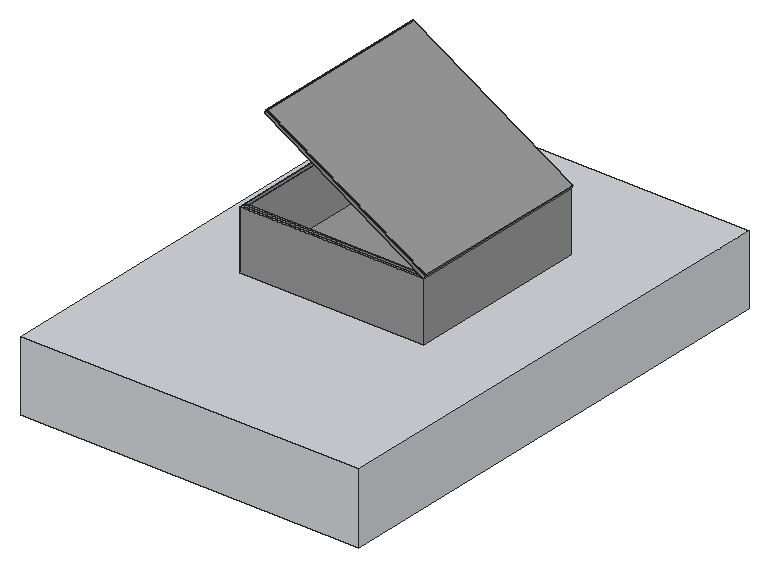
Revit family "Hager-Univers-IP55-D275-H800-Cl.II-Steel_encl-AT-de", category Equipement électrique, Revit 2020
Family settings
  Hôte = Face
  Configuration du panneau = Deux colonnes, circuits au sein
  Cote de connecteur circulaire = Utiliser le diamètre
  Type d'élément = Tableau de raccordement
  Couper avec des vides une fois chargée = Non
  Partagée = Non
  Point de calcul de pièce = Non
Parameters (values of type "Aufputz IP55 B800 H800 T275  - FR53S")
  Width Control [instance] = if([EF000008 - Breite] > Min Width, [EF000008 - Breite], Min Width)  # 800 mm
  Commentaires du type = [HG000003 - Bereich]  # "Univers"
  Thickness Door [instance] = if([EF009171 - Materialstärke Tür/Deckel] > 3 mm, 3 mm, [EF009171 - Materialstärke Tür/Deckel])  # 1.5 mm
  Seal Frame Offset [instance] = 17 mm  # constant formula
  Plinth Visibility [instance] = [HG000027 - Sockelhöhe] > 0 mm  # no
  Model = ""
  Min Width [instance] = 100 mm  # constant formula
  Min Height [instance] = 100 mm  # constant formula
  Min Depth [instance] = (2 * [EF009170 - Materialstärke Gehäuse]) + 1 mm  # 4 mm
  Internal Frame Depth [instance] = (Door System Depth * 0.5)  # 9 mm
  Height Control [instance] = if([EF000040 - Höhe] > Min Height, [EF000040 - Höhe], Min Height)  # 800 mm
  HG000027 - Sockelhöhe = 0 mm
  HG000026 - Stehend auf dem Boden = no
  HG000024 - Höhe des unteren Teils = 800 mm
  HG000023 - Gehäuse mit doppeltem Querschnitt = no
  HG000016 - 3D-Türsichtbarkeit [instance] = yes
  HG000015 - Sichtbarkeit der Türöffnung [instance] = no
  HG000014 - Tür rechts [instance] = yes
  HG000013 - Tür links [instance] = not([HG000014 - Tür rechts])  # no
  HG000012 - Türschwenkwinkel [instance] = 30.00°
  HG000010 - Asymmetrische Türen = no
  HG000009 - Doppelflügeligen Tür = no
  HG000006 - Unterputz = no
  HG000004 - Herstellerreferenz = "FR53S"
  HG000003 - Bereich = "Univers"
  HG000002 - Mit tür = yes
  Frame Offset Bottom [instance] = 10 mm  # constant formula
  Frame Offset [instance] = 15 mm  # constant formula
  EF015940 - Deckel mit Überdruckentlastung = no
  EF011959 - Schutzart (NEMA) = ""
  EF009554 - Anzahl der Öffnungen für Flanschplatten = 6
  Fabricant = "Hager"  # constant formula
  EF009212 - Ausführung Deckel = "EV000116 - geschlossen"
  EF009171 - Materialstärke Tür/Deckel = 1.5 mm
  EF009170 - Materialstärke Gehäuse = 1.5 mm
  EF008873 - Nennstrom (In) = 800 A
  EF007800 - Geeignet für Blitzschutz = no
  EF006306 - Mit Schloss = no
  EF006244 - Transparenter Deckel/Tür = no
  EF005474 - Schutzart (IP) = "EV006420 - IP55"
  EF004464 - Art der Tür = "EV002646 - Einzel"
  EF004427 - Anzahl der Module = 180
  EF004293 - Schlagfestigkeit = "EV008784 - IK10"
  EF003532 - Geeignet für Außengebrauch = no
  EF002950 - Breite in Teilungseinheiten = 24
  EF001613 - Funktionserhalt = "EV000494 - ohne"
  EF001596 - Werkstoff des Gehäuses = "EV000179 - Stahl"
  EF001131 - Innentiefe = 275 mm
  EF001088 - Anbaumöglichkeit = yes
  EF000437 - Anzahl der Leitungseinführungen = 6
  EF000339 - Art der Abdeckung = "EV004216 - Tür"
  EF000266 - Anzahl der Reihen = 5
  EF000218 - Einbautiefe = 0 mm
  EF000118 - Mit Montageplatte = no
  EF000116 - RAL-Nummer = "7035"
  EF000049 - Tiefe = 275 mm
  EF000040 - Höhe = 800 mm
  EF000008 - Breite = 800 mm
  EF000007 - Farbe = "EV000270 - grau"
  EF000003 - Montageart = "EV000384 - Aufputz"
  Door System Leaf Tolerance [instance] = 1.5 mm  # constant formula
  Door System Depth [instance] = 18 mm  # constant formula
  Door Height [instance] = Height Control - [HG000027 - Sockelhöhe]  # 800 mm
  Depth Control [instance] = if([EF000049 - Tiefe] > Min Depth, [EF000049 - Tiefe], Min Depth)  # 275 mm
  Default Elevation = 0 mm
  Connector Offset [instance] = Height Control / 2  # 400 mm
  Bottom Top Plate Trim [instance] = 1.5 mm  # constant formula
  Plinth height Ctrl [instance] = if([HG000027 - Sockelhöhe] > 0 mm, [HG000027 - Sockelhöhe], 12 mm)  # 12 mm
Types (5, lengths in mm): name | Width Control | HG000010 - Asymmetrische Türen | HG000009 - Doppelflügeligen Tür | HG000004 - Herstellerreferenz | EF009554 - Anzahl der Öffnungen für Flanschplatten | EF004464 - Art der Tür | EF004427 - Anzahl der Module | EF000437 - Anzahl der Leitungseinführungen | EF000008 - Breite
  Aufputz IP55 B1050 H800 T275  - FR54S | 1050 | no | yes | "FR54S" | 8 | "EV003602 - Doppel" | 240 | 8 | 1050
  Aufputz IP55 B1300 H800 T275  - FR55S | 1300 | yes | yes | "FR55S" | 10 | "EV003602 - Doppel" | 300 | 10 | 1300
  Aufputz IP55 B300 H800 T275  - FR51S | 300 | no | no | "FR51S" | 2 | "EV002646 - Einzel" | 60 | 2 | 300
  Aufputz IP55 B550 H800 T275  - FR52S | 550 | no | no | "FR52S" | 4 | "EV002646 - Einzel" | 120 | 4 | 550
  Aufputz IP55 B800 H800 T275  - FR53S | 800 | no | no | "FR53S" | 6 | "EV002646 - Einzel" | 180 | 6 | 800
Reference planes
  plane 1 "Center (Front/Back)": y = 0
  plane 2: z = 0
  plane 3 "Center (Left/Right)": x = 0
  plane 4: z = 275
  plane 5: y = 1.5
  plane 6: y = 400
  plane 7: y = 0
  plane 8: y = 800
  plane 9: z = 0
  plane 10: x = -385
  plane 11: x = 385
  plane 12: x = 383.5
  plane 13: x = -383.5
  plane 14: y = 798.5
  plane 15: x = -383
  plane 16: x = -400
  plane 17: x = 383
  plane 18: x = 400
  plane 19: x = 398.5
  plane 20: x = -398.5
  plane 21: y = 11.5
  plane 22: y = 800
  plane 23: y = 783.5
  plane 24: z = 257
  plane 25: z = 1.5
  plane 26: z = 255.5
  plane 27: z = 273.5
Forms (mm)
  Extrusion 1, solid
    sketch origin (0, 0, 0) x (1, 0, 0) y (0, 1, 0)
      loop
        line (-702.964, 1305) -> (-702.964, -811.445) -> (766.763, -811.445) -> (766.763, 1305) -> (-702.964, 1305)
    from 0 to -304.8
  Extrusion 2, solid, material "Hager_Steel_RAL7035_Light_Grey", visible <- "Plinth Visibility", detail levels medium+fine
    sketch origin (0, 0, 0) x (1, 0, 0) y (0, 1, 0)
      loop
        line (-400, 0) -> (400, 0) -> (400, 12) -> (-400, 12) -> (-400, 0)
    from 0 to 257
  Extrusion 3, solid, material "Hager_Steel_RAL7035_Light_Grey", detail levels medium+fine
    sketch origin (0, 0, 0) x (1, 0, 0) y (0, 1, 0)
      loop
        line (-400, 0) -> (400, 0) -> (400, 800) -> (-400, 800) -> (-400, 0)
    from 0 to 257
  Extrusion 4, void
    sketch origin (0, 0, 0) x (1, 0, 0) y (0, 1, 0)
      loop
        line (-398.5, 1.5) -> (398.5, 1.5) -> (398.5, 798.5) -> (-398.5, 798.5) -> (-398.5, 1.5)
    from 1.5 to 255.5
  Extrusion 5, void
    sketch origin (-381.607, -4572, 257) x (0, -1, 0) y (-1, 0, 0)
      loop
        line (-4583.5, 1.893) -> (-5355.5, 1.893) -> (-5355.5, -765.107) -> (-4583.5, -765.107) -> (-4583.5, 1.893)
    from 0 to 1.5 <- "EF009170 - Materialstärke Gehäuse"
  Extrusion 6, solid, material "Hager_Steel_RAL7035_Light_Grey", detail levels fine
    sketch origin (0, 0, 257) x (1, 0, 0) y (0, 1, 0)
      loop
        line (-383.5, 783.5) -> (-383.5, 11.5) -> (383.5, 11.5) -> (383.5, 783.5) -> (-383.5, 783.5)
      loop
        line (-385, 10) -> (385, 10) -> (385, 785) -> (-385, 785) -> (-385, 10)
    from 0 to 9 <- "Internal Frame Depth"
  Extrusion 7, solid, material "Hager_Steel_RAL7035_Light_Grey", detail levels coarse
    sketch origin (0, 0, 0) x (1, 0, 0) y (0, 1, 0)
      loop
        line (-400, 0) -> (400, 0) -> (400, 800) -> (-400, 800) -> (-400, 0)
    from 0 to 275
  Sweep 8, void
    path in 3D
      loop
        line (-400, 12, 0) -> (400, 12, 0) -> (400, 12, 257) -> (-400, 12, 257) -> (-400, 12, 0)
    profile origin (-400, 12, 128.5) x (-1, 0, 0) y (0, -1, 0)
      loop
        line (0, 0) -> (0, 1.5) -> (-1.5, 1.5)
        arc (-1.5, 1.5) -> (-1.061, 0.439) -> (0, 0) r 1.5
Cuts and joins
  Extrusion 4, Extrusion 5 cuts Extrusion 3
  Sweep 8 cuts Extrusion 2
Lines and regions (mm)
  Masking region 1
    outline origin (0, 0, 0) x (1, 0, 0) y (0, 0, 1)
      loop
        line (-400, 275) -> (-400, 0) -> (400, 0) -> (400, 275) -> (-400, 275)
  Masking region 2, detail levels medium+fine
    outline origin (0, 140, 0) x (0, 1, 0) y (0, 0, 1)
      loop
        line (-140, 0) -> (660, 0) -> (660, 257) -> (-140, 257) -> (-140, 0)
  Masking region 3, not visible, detail levels medium+fine
    outline origin (0, 297.922, 0) x (0, 1, 0) y (0, 0, 1)
      loop
        line (113.578, 0) -> (153.578, 0) -> (153.578, 263.5)
        arc (153.578, 263.5) -> (150.649, 270.571) -> (143.578, 273.5) r 10
        line (143.578, 273.5) -> (113.578, 273.5) -> (113.578, 0)
  Masking region 4, detail levels coarse
    outline origin (0, 0, 180) x (0, 1, 0) y (0, 0, 1)
      loop
        line (0, -180) -> (800, -180) -> (800, 95) -> (0, 95) -> (0, -180)
  Masking region 5, visible <- "Plinth Visibility", detail levels medium+fine
    outline origin (0, 52.24, 12.345) x (0, 0, -1) y (0, 1, 0)
      loop
        line (10.845, -40.24) -> (-243.155, -40.24)
        arc (-243.155, -40.24) -> (-243.594, -41.301) -> (-244.655, -41.74) r 1.5
        line (-244.655, -41.74) -> (-244.655, -52.24) -> (12.345, -52.24) -> (12.345, -41.74)
        arc (12.345, -41.74) -> (11.285, -41.301) -> (10.845, -40.24) r 1.5
  Masking region 6, detail levels medium+fine
    outline origin (-381.607, -4572, 257) x (-1, 0, 0) y (0, -1, 0)
      loop
        line (18.393, -5372) -> (18.393, -4572) -> (-781.607, -4572) -> (-781.607, -5372) -> (18.393, -5372)
  Masking region 7, visible <- "Plinth Visibility", detail levels medium+fine
    outline origin (-381.607, -4727, 257) x (-1, 0, 0) y (0, -1, 0)
      loop
        arc (16.893, -4739) -> (17.332, -4737.939) -> (18.393, -4737.5) r 1.5
        line (18.393, -4737.5) -> (18.393, -4727) -> (-781.607, -4727) -> (-781.607, -4737.5)
        arc (-781.607, -4737.5) -> (-780.546, -4737.939) -> (-780.107, -4739) r 1.5
        line (-780.107, -4739) -> (16.893, -4739)
  Masking region 8, detail levels coarse
    outline origin (-442.548, -4669.526, 257) x (-1, 0, 0) y (0, -1, 0)
      loop
        line (-42.548, -5469.526) -> (-42.548, -4669.526) -> (-842.548, -4669.526) -> (-842.548, -5469.526) -> (-42.548, -5469.526)
  sketch lines
    curve 1: line (-400, 12, 257) -> (-400, 12, 0)
    curve 2: line (400, 12, 257) -> (-400, 12, 257)
    curve 3: line (400, 12, 257) -> (400, 12, 0)
    curve 4: line (-400, 12, 0) -> (400, 12, 0)
Dimensions and locks
  "Depth Control": plane 4 to Extrusion 1
  "HG000027 - Sockelhöhe": plane 1 "Center (Front/Back)" to plane 7
  "EF009170 - Materialstärke Gehäuse": plane 5 to plane 7
  locked: connector elem to plane 3 "Center (Left/Right)"
  equal spacing: plane 8, plane 6, plane 7
  locked: connector elem to plane 6
  "EF009170 - Materialstärke Gehäuse": plane 8 to plane 14
  "EF009170 - Materialstärke Gehäuse": plane 10 to plane 13
  "EF009170 - Materialstärke Gehäuse": plane 12 to plane 11
  "Frame Offset": plane 20 to plane 13
  "Frame Offset": plane 12 to plane 19
  "EF009170 - Materialstärke Gehäuse": plane 16 to plane 20
  "EF009170 - Materialstärke Gehäuse": plane 19 to plane 18
  "Seal Frame Offset": plane 16 to plane 15
  "Seal Frame Offset": plane 17 to plane 18
  "Frame Offset Bottom": plane 21 to plane 5
  "Frame Offset": plane 14 to plane 23
  equal spacing: plane 16, plane 3 "Center (Left/Right)", plane 18
  "Width Control": plane 16 to plane 18
  "EF009170 - Materialstärke Gehäuse": plane 4 to plane 27
  "EF009170 - Materialstärke Gehäuse": plane 24 to plane 26
  "EF009170 - Materialstärke Gehäuse": plane 25 to level
  "Door System Depth": plane 4 to plane 24
  "Height Control": plane 1 "Center (Front/Back)" to Extrusion 7 sketch curve
  "Height Control": Masking region 4 sketch curve to plane 1 "Center (Front/Back)"
  "Height Control": plane 1 "Center (Front/Back)" to plane 22
  "Bottom Top Plate Trim": profile plane to Sweep 8 sketch curve
  "Bottom Top Plate Trim": Sweep 8 sketch curve to profile plane
  "Plinth height Ctrl": plane 1 "Center (Front/Back)" to Extrusion 2 sketch curve
  "Plinth height Ctrl": Masking region 5 sketch curve to plane 1 "Center (Front/Back)"
  "Plinth height Ctrl": plane 1 "Center (Front/Back)" to Masking region 7 sketch curve
  "Thickness Door": Extrusion 6 sketch curve to Extrusion 6 sketch curve  (x3)
  "Thickness Door": cut or joined group of Extrusion 3, Extrusion 4, Extrusion 5 to Extrusion 6 sketch curve
  radius of Masking region 3 sketch curve = 10 mm
  "Bottom Top Plate Trim": radius of Masking region 5 sketch curve  (x2)
  "Bottom Top Plate Trim": radius of Sweep 8 sketch curve
  "Bottom Top Plate Trim": radius of Masking region 7 sketch curve  (x2)
  aligned and locked: plane 2 to Extrusion 1
  aligned and locked: level to Extrusion 1
  aligned and locked: level to Masking region 1 sketch curve
  aligned and locked: Masking region 1 sketch curve to plane 18
  aligned and locked: Masking region 1 sketch curve to plane 16
  aligned and locked: plane 7 to Masking region 2 sketch curve
  aligned and locked: level to Masking region 3 sketch curve
  aligned and locked: Masking region 3 sketch curve to plane 27
  aligned and locked: level to Masking region 2 sketch curve
  aligned and locked: plane 1 "Center (Front/Back)" to Extrusion 2 sketch curve
  aligned and locked: Extrusion 3 sketch curve to plane 7
  aligned and locked: plane 16 to Extrusion 3 sketch curve
  aligned and locked: plane 18 to Extrusion 3 sketch curve
  aligned and locked: plane 20 to Extrusion 4 sketch curve
  aligned and locked: plane 19 to Extrusion 4 sketch curve
  aligned and locked: Extrusion 4 sketch curve to plane 5
  aligned and locked: Extrusion 4 to plane 25
  aligned and locked: plane 26 to Extrusion 4
  aligned and locked: plane 24 to Extrusion 3
  aligned and locked: Extrusion 5 sketch curve to plane 21
  aligned and locked: Extrusion 5 sketch curve to plane 13
  aligned and locked: Extrusion 5 sketch curve to plane 12
  aligned and locked: plane 18 to Extrusion 7 sketch curve
  aligned and locked: plane 1 "Center (Front/Back)" to Extrusion 7 sketch curve
  aligned and locked: plane 16 to Extrusion 7 sketch curve
  aligned and locked: plane 4 to Extrusion 7
  aligned and locked: Extrusion 7 to level
  aligned and locked: level to Masking region 4 sketch curve
  aligned and locked: Masking region 4 sketch curve to plane 1 "Center (Front/Back)"
  aligned and locked: Masking region 4 sketch curve to plane 4
  aligned and locked: nested 1 to level
  aligned and locked: nested 1 to plane 16
  aligned and locked: plane 8 to Extrusion 3 sketch curve
  aligned and locked: plane 23 to Extrusion 5 sketch curve
  aligned and locked: plane 14 to Extrusion 4 sketch curve
  aligned and locked: Masking region 2 sketch curve to plane 8
  aligned and locked: level to Masking region 5 sketch curve
  aligned and locked: plane 16 to Extrusion 2 sketch curve
  aligned and locked: plane 18 to Extrusion 2 sketch curve
  aligned and locked: Masking region 5 sketch curve to plane 24
  aligned and locked: Masking region 2 sketch curve to plane 24
  aligned and locked: plane 24 to Extrusion 2
  aligned and locked: profile plane to Sweep 8 sketch curve  (x2)
  aligned and locked: Masking region 6 sketch curve to plane 18
  aligned and locked: Masking region 6 sketch curve to plane 22
  aligned and locked: Masking region 6 sketch curve to plane 16
  aligned and locked: plane 8 to plane 22
  aligned and locked: Masking region 6 sketch curve to plane 7
  aligned and locked: Masking region 7 sketch curve to plane 16
  aligned and locked: Masking region 7 sketch curve to plane 1 "Center (Front/Back)"
  aligned and locked: Masking region 7 sketch curve to plane 18
  aligned and locked: Masking region 8 sketch curve to plane 1 "Center (Front/Back)"
  aligned and locked: Masking region 8 sketch curve to plane 18
  aligned and locked: Masking region 8 sketch curve to plane 22
  aligned and locked: Masking region 8 sketch curve to plane 16
  aligned and locked: nested 2 to plane 7
  aligned and locked: plane 3 "Center (Left/Right)" to nested 2
  aligned and locked: nested 2 to plane 24
  aligned and locked: Extrusion 6 sketch curve to cut or joined group of Extrusion 3, Extrusion 4, Extrusion 5  (x4)
Automatic sketch dimensions
  Extrusion 1 sketch curve to Extrusion 1 sketch curve = 1469.727 mm
  Extrusion 1 sketch curve to Extrusion 1 sketch curve = 2116.445 mm
  Masking region 1 sketch curve to plane 4 = 0 mm
  plane 6 to Masking region 3 sketch curve = 11.5 mm
  Masking region 3 sketch curve to Masking region 3 sketch curve = 30 mm
  Masking region 5 sketch curve to plane 1 "Center (Front/Back)" = 0 mm
Nested families
  nested 1: "Hager_Enclosure_Symbol" at (-400, 0, 0) x (1, 0, 0) z (0, -1, 0), Height <- "Depth Control", Width <- "Width Control", type "Hager_Enclosure_Symbol"
    with Width_Ctrl 800 mm, Width 800 mm, Height_Ctrl 275 mm, Height 275 mm, A_Width_Int 18.047 mm, A_Width 216.562 mm, A_Height_Ctrl 240.625 mm, A_Height 240.625 mm
  nested 2: "EC000058_Univers_Door" at (0, 0, 257) x (1, 0, 0) z (0, 1, 0), Leaf_Tolerance <- "Door System Leaf Tolerance", Angle <- "HG000012 - Türschwenkwinkel", Door_Depth <- "Door System Depth", Door_Left <- "HG000013 - Tür links", Transparent <- "EF006244 - Transparenter Deckel/Tür", Assymetrical <- "HG000010 - Asymmetrische Türen", Width <- "Width Control", Clearance <- "HG000015 - Sichtbarkeit der Türöffnung", Double <- "HG000009 - Doppelflügeligen Tür", 3d_Door <- "HG000016 - 3D-Türsichtbarkeit", Lock_Visibility <- "EF006306 - Mit Schloss", Width_Ctrl <- "Width Control", Door_Right <- "HG000014 - Tür rechts", Door <- "HG000002 - Mit tür", Height <- "Door Height", Thickness <- "Thickness Door", type "EC000058_Univers_Door", detail levels medium+fine
    with min_wh 4 mm, Width_Ctrl 800 mm, Width 800 mm, Transparent no, Thickness 1.5 mm, Seal_Material Hager_Rubber, Lock_Visibility no, Lock_Material Hager_Plastic_RAL9005_Jet_Black, Leaf_Width 800 mm, Leaf_Tolerance_External_Sides 0 mm, Leaf_Tolerance 1.5 mm, Leaf_Offset 0 mm, Leaf_Height 797 mm, Leaf_2_Width 800 mm, Leaf_2_Offset 400 mm, Leaf_1_Width 800 mm, Leaf_1_Offset 400 mm, Height_Ctrl 800 mm, Height 800 mm, Glass_Material Hager_Glass, Double_Clearance_Ctrl no, Double no, Door_Right_Ctrl yes, Door_Right yes, Door_Material Hager_Steel_RAL7035_Light_Grey, Door_Left_Ctrl no, Door_Left no, Door_Depth 18 mm, Door yes, Clearance_Material Hager_Clearance, Clearance_Depth 800 mm, Clearance_Ctrl no, Clearance no, Assymetrical no, Angle 30.00°, 3d_Door yes
Connectors
  electrical at (0, 400, 0)
    settings: on plane 9, index 1, voltage 0 V, apparent load 0 VA, apparent load phase1 0 VA, apparent load phase2 0 VA, apparent load phase3 0 VA, power factor 1, load classification "Other", number of poles 1, system type 30, power factor state 1, is connector primary yes, connector utility no, sub classification motor no, connector description ""
Definition of nested family "EC000058_Univers_Door"
  Parameters (values of type "EC000058_Univers_Door")
    min_wh [instance] = (2 * Thickness) + 1 mm  # 11 mm
    Width_Ctrl [instance] = 400 mm
    Width [instance] = 500 mm
    Transparent [instance] = yes
    Thickness [instance] = 5 mm
    Seal_Material [instance] = none
    Lock_Visibility [instance] = yes
    Lock_Material [instance] = none
    Leaf_Width [instance] = if((Width_Ctrl - 2 * Leaf_Tolerance_External_Sides) > 0 mm, (Width_Ctrl - 2 * Leaf_Tolerance_External_Sides), min_wh)  # 400 mm
    Leaf_Tolerance_External_Sides [instance] = 0 mm  # constant formula
    Leaf_Tolerance [instance] = 1.5 mm
    Leaf_Offset [instance] = 0 mm  # constant formula
    Leaf_Height [instance] = if((Height_Ctrl - 2 * Leaf_Tolerance) > 0 mm, (Height_Ctrl - 2 * Leaf_Tolerance), min_wh)  # 497 mm
    Leaf_2_Width [instance] = if(and(and(Double, Assymetrical), Door_Left), (Leaf_Width / 3) - (Leaf_Tolerance / 2), if(and(and(Double, Assymetrical), Door_Right), (Leaf_Width / 3) * 2 - (Leaf_Tolerance / 2), if(and(Double, not(Assymetrical)), (Leaf_Width / 2) - Leaf_Tolerance, Leaf_Width)))  # 400 mm
    Leaf_2_Offset [instance] = if(and(Double, Assymetrical), Leaf_2_Width / 2, if(and(Double, not(Assymetrical)), Leaf_Width / 4, Leaf_Width / 2))  # 200 mm
    Leaf_1_Width [instance] = if(and(and(Double, Assymetrical), Door_Right), (Leaf_Width / 3) - (Leaf_Tolerance / 2), if(and(and(Double, Assymetrical), Door_Left), (Width / 3) * 2 - (Leaf_Tolerance / 2), if(and(Double, not(Assymetrical)), (Leaf_Width / 2) - Leaf_Tolerance, Leaf_Width)))  # 400 mm
    Leaf_1_Offset [instance] = if(and(Double, Assymetrical), Leaf_1_Width / 2, if(and(Double, not(Assymetrical)), Leaf_Width / 4, Leaf_Width / 2))  # 200 mm
    Height_Ctrl [instance] = if(Height > min_wh, Height, min_wh)  # 500 mm
    Height [instance] = 500 mm
    Glass_Material [instance] = none
    Double_Clearance_Ctrl [instance] = and(Double, Clearance)  # no
    Double [instance] = no
    Door_Right_Ctrl [instance] = and(or(Door_Right, Double), Door)  # yes
    Door_Right [instance] = yes
    Door_Material [instance] = none
    Door_Left_Ctrl [instance] = and(or(Door_Left, Double), Door)  # no
    Door_Left [instance] = no
    Door_Depth [instance] = 30 mm
    Door [instance] = yes
    Default Elevation = 1219.2 mm
    Clearance_Material [instance] = none
    Clearance_Depth [instance] = if(Leaf_1_Width > Leaf_2_Width, Leaf_1_Width, Leaf_2_Width)  # 400 mm
    Clearance_Ctrl [instance] = and(not(Double), Clearance)  # yes
    Clearance [instance] = yes
    Assymetrical [instance] = yes
    Angle [instance] = 30.00°
    3d_Door [instance] = yes
  Reference planes
    plane 1 "Center (Front/Back)": y = 0
    plane 2 "Bottom": z = 0
    plane 3 "Center (Left/Right)": x = 0
    plane 4: z = 500
    plane 5: x = -200
    plane 6: x = 200
    plane 7: z = 500
    plane 8: x = -200
    plane 9: z = 0
    plane 10: x = 200
    plane 11: y = 0
    plane 12: z = 1.5
    plane 13: x = -600
    plane 14: y = -400
    plane 15: x = 600
    plane 16: x = 0
    plane 17: x = 0
    plane 18: x = -200
    plane 19: x = 200
    plane 20: z = 498.5
  Forms (mm)
    Extrusion 1, solid, material <- "Clearance_Material", visible <- "Double_Clearance_Ctrl"
      sketch origin (1200, 0, 0) x (1, 0, 0) y (0, 0, -1)
        loop
          line (-1800, -498.5) -> (-600, -498.5) -> (-600, 0) -> (-1800, 0) -> (-1800, -498.5)
      from 0 to -400
  Dimensions and locks
    equal spacing: plane 5, plane 3 "Center (Left/Right)", plane 6
    "Width_Ctrl": plane 5 to plane 6
    "Leaf_Offset": plane 5 to plane 8
    "Leaf_Offset": plane 6 to plane 10
    "Leaf_Offset": plane 9 to level
    "Leaf_Offset": plane 4 to plane 7
    "Height_Ctrl": plane 4 to level
    "Leaf_Tolerance": plane 12 to plane 9
    locked: plane 11 to plane 1 "Center (Front/Back)"
    "Leaf_1_Offset": plane 18 to plane 16
    "Leaf_2_Offset": plane 17 to plane 19
    "Leaf_1_Width": plane 13 to plane 8
    "Leaf_2_Width": plane 10 to plane 15
    "Clearance_Depth": plane 14 to plane 1 "Center (Front/Back)"
    "Leaf_Tolerance_External_Sides": plane 8 to plane 18
    "Leaf_Tolerance_External_Sides": plane 19 to plane 10
    "Leaf_Tolerance": plane 7 to plane 20
    aligned and locked: level to plane 2 "Bottom"
    aligned and locked: nested 1 to plane 16
    aligned and locked: nested 2 to plane 17
    aligned and locked: Extrusion 1 to plane 13
    aligned and locked: plane 15 to Extrusion 1
    aligned and locked: Extrusion 1 to plane 14
    aligned and locked: plane 12 to nested 1
    aligned and locked: nested 2 to plane 12
    aligned and locked: Extrusion 1 to plane 11
    aligned and locked: plane 20 to Extrusion 1
    aligned and locked: nested 2 to plane 11
    aligned and locked: nested 1 to plane 11
  Automatic sketch dimensions
    Extrusion 1 sketch curve to level = 0 mm
    plane 5 to Extrusion 1 sketch curve = 400 mm
    plane 6 to Extrusion 1 sketch curve = 400 mm
    Extrusion 1 sketch curve to plane 4 = 1.5 mm
  Nested families
    nested 1: "EC000058_Univers_Door_Leaf" at (0, 0, 1.5), Width <- "Leaf_1_Width", visible <- "Door_Left_Ctrl", Leaf_Height <- "Leaf_Height", Angle <- "Angle", 3d_Door <- "3d_Door", Transparent <- "Transparent", Clearance Material <- "Clearance_Material", Clearance <- "Clearance_Ctrl", Door_Material <- "Door_Material", Glass_Material <- "Glass_Material", Door_Depth <- "Door_Depth", Lock_Material <- "Lock_Material", Seal_Material <- "Seal_Material", Lock_Visibility <- "Lock_Visibility", Thickness <- "Thickness", type "EC000058_Univers_Door_Leaf"
      with Width 400 mm, Transparent_Glass_Offset 30 mm, Transparent_Ctrl yes, Transparent yes, Thickness 5 mm, Standard no, Seal_Material none, Seal_D2 8 mm, Seal_D1 1 mm, Offset_Internal_Frame 10 mm, Lock_Width 20 mm, Lock_Visibility_3d yes, Lock_Visibility yes, Lock_Thickness_3 3 mm, Lock_Thickness_2 1 mm, Lock_Thickness_1 3 mm, Lock_Radius_Offset_2 16 mm, Lock_Radius_Offset_1 15 mm, Lock_Radius_2 5 mm, Lock_Radius 6 mm, Lock_Offset 5 mm, Lock_Material none, Lock_Height 80 mm, Lock_Cover_Top_Offset_2d 17 mm, Lock_Cover_Height -65 mm, Leaf_Height 497 mm, Internal_Seal_Thickness 8 mm, Internal_Seal_Depth_2 4.5 mm, Internal_Frame_Depth 25 mm, Glass_Thickness -1 mm, Glass_Offset -2 mm, Glass_Material none, Door_Material none, Door_Depth 30 mm, Clearance Material none, Clearance yes, Angle_Ctrl 30.00°, Angle 30.00°, 3d_Door yes
    nested 2: "EC000058_Univers_Door_Leaf" at (0, 0, 1.5) x (-1, 0, 0) z (0, 0, 1), Width <- "Leaf_2_Width", visible <- "Door_Right_Ctrl", Leaf_Height <- "Leaf_Height", Angle <- "Angle", 3d_Door <- "3d_Door", Transparent <- "Transparent", Clearance Material <- "Clearance_Material", Clearance <- "Clearance_Ctrl", Door_Material <- "Door_Material", Glass_Material <- "Glass_Material", Door_Depth <- "Door_Depth", Lock_Material <- "Lock_Material", Seal_Material <- "Seal_Material", Lock_Visibility <- "Lock_Visibility", Thickness <- "Thickness", type "EC000058_Univers_Door_Leaf"
      with Width 400 mm, Transparent_Glass_Offset 30 mm, Transparent_Ctrl yes, Transparent yes, Thickness 5 mm, Standard no, Seal_Material none, Seal_D2 8 mm, Seal_D1 1 mm, Offset_Internal_Frame 10 mm, Lock_Width 20 mm, Lock_Visibility_3d yes, Lock_Visibility yes, Lock_Thickness_3 3 mm, Lock_Thickness_2 1 mm, Lock_Thickness_1 3 mm, Lock_Radius_Offset_2 16 mm, Lock_Radius_Offset_1 15 mm, Lock_Radius_2 5 mm, Lock_Radius 6 mm, Lock_Offset 5 mm, Lock_Material none, Lock_Height 80 mm, Lock_Cover_Top_Offset_2d 17 mm, Lock_Cover_Height -65 mm, Leaf_Height 497 mm, Internal_Seal_Thickness 8 mm, Internal_Seal_Depth_2 4.5 mm, Internal_Frame_Depth 25 mm, Glass_Thickness -1 mm, Glass_Offset -2 mm, Glass_Material none, Door_Material none, Door_Depth 30 mm, Clearance Material none, Clearance yes, Angle_Ctrl 30.00°, Angle 30.00°, 3d_Door yes
  Definition of nested family "EC000058_Univers_Door_Leaf"
    Parameters (values of type "EC000058_Univers_Door_Leaf")
      Width [instance] = 2000 mm
      Transparent_Glass_Offset [instance] = 30 mm
      Transparent_Ctrl [instance] = and(Transparent, [3d_Door])  # yes
      Transparent [instance] = yes
      Thickness [instance] = 5 mm
      Standard [instance] = and(not(Transparent), [3d_Door])  # no
      Seal_Material [instance] = none
      Seal_D2 [instance] = 8 mm  # constant formula
      Seal_D1 [instance] = 1 mm  # constant formula
      Offset_Internal_Frame [instance] = 10 mm  # constant formula
      Lock_Width [instance] = 20 mm  # constant formula
      Lock_Visibility_3d [instance] = and(Lock_Visibility, [3d_Door])  # yes
      Lock_Visibility [instance] = yes
      Lock_Thickness_3 [instance] = 3 mm  # constant formula
      Lock_Thickness_2 [instance] = 1 mm  # constant formula
      Lock_Thickness_1 [instance] = 3 mm  # constant formula
      Lock_Radius_Offset_2 [instance] = Lock_Radius_Offset_1 + 1 mm  # 16 mm
      Lock_Radius_Offset_1 [instance] = 15 mm  # constant formula
      Lock_Radius_2 [instance] = Lock_Radius - 1 mm  # 5 mm
      Lock_Radius [instance] = 6 mm  # constant formula
      Lock_Offset [instance] = 5 mm  # constant formula
      Lock_Material [instance] = none
      Lock_Height [instance] = 80 mm  # constant formula
      Lock_Cover_Top_Offset_2d [instance] = Lock_Radius_Offset_2 + 1 mm  # 17 mm
      Lock_Cover_Height [instance] = -(Lock_Height - Lock_Radius_Offset_1)  # -65 mm
      Leaf_Height [instance] = 2720.336 mm
      Internal_Seal_Thickness [instance] = 8 mm  # constant formula
      Internal_Seal_Depth_2 [instance] = 4.5 mm  # constant formula
      Internal_Frame_Depth [instance] = if(Door_Depth - Thickness > 5 mm, Door_Depth - Thickness, 5 mm)  # 25 mm
      Glass_Thickness [instance] = if(Thickness > 15 mm, Glass_Offset + 10 mm, -1 mm)  # -1 mm
      Glass_Offset [instance] = if(Thickness > 15 mm, -(Thickness + 10 mm) / 2, -2 mm)  # -2 mm
      Glass_Material [instance] = none
      Door_Material [instance] = none
      Door_Depth [instance] = 30 mm
      Default Elevation = 0 mm
      Clearance Material [instance] = none
      Clearance [instance] = yes
      Angle_Ctrl [instance] = if(Angle > 180.00°, 180.00°, Angle)  # 90.00°
      Angle [instance] = 90.00°
      3d_Door [instance] = yes
    Reference planes
      plane 1 "Center (Front/Back)": y = 0
      plane 2: z = 0
      plane 3 "Center (Left/Right)": x = 0
      plane 4: y = 2000
      plane 5: x = -1000
      plane 6: x = 1000
      plane 7: x = -3000
      plane 8: z = 2720.336
      plane 9: z = 30
      plane 10: z = 2690.336
      plane 11: x = 970
      plane 12: x = -970
      plane 13: y = -3
      plane 14: z = 107.833
      plane 15: y = -5
      plane 16: y = -223.314
      plane 17: x = -1000
      plane 18: z = 1360.168
      plane 19: y = 30
    Forms (mm)
      Extrusion 1, solid, material <- "Clearance Material", visible <- "Clearance"
        sketch origin (0, 0, 0) x (1, 0, 0) y (0, 0, 1)
          loop
            line (-3000, 2720.336) -> (-3000, 0) -> (1000, 0) -> (1000, 2720.336) -> (-3000, 2720.336)
        from 0 to -2000
      Extrusion 2, solid, material <- "Door_Material", visible <- "Standard", detail levels medium+fine
        sketch origin (-1000, 0, 0) x (0, 1, 0) y (-1, 0, 0)
          loop
            line (0, 30) -> (0, 25) -> (2000, 25) -> (2000, 30) -> (0, 30)
        from 0 to 2720.336 <- "Leaf_Height"
      Extrusion 3, solid, material <- "Door_Material", visible <- "Transparent_Ctrl", detail levels medium+fine
        sketch origin (-1000, 0, 0) x (0, 1, 0) y (-1, 0, 0)
          loop
            line (0, 25) -> (2000, 25) -> (2000, 30) -> (0, 30) -> (0, 25)
        from 0 to 2720.336 <- "Leaf_Height"
      Extrusion 4, void
        sketch origin (-1025, 2000, 0) x (0, 1, 0) y (0, 0, -1)
          loop
            line (-30, -2690.336) -> (-30, -30) -> (-1970, -30) -> (-1970, -2690.336) -> (-30, -2690.336)
        from 0 to 5 <- "Thickness"
      Sweep 5, solid, material <- "Seal_Material", visible <- "Transparent_Ctrl", detail levels fine
        path in 3D
          loop
            line (-1025, 30, 30) -> (-1025, 30, 2690.336) -> (-1025, 1970, 2690.336) -> (-1025, 1970, 30) -> (-1025, 30, 30)
        profile origin (-1025, 1000, 30) x (1, 0, 0) y (0, 0, 1)
          loop
            line (0, 0) -> (0, -8) -> (1, -8) -> (1, 0) -> (0, 0)
      Extrusion 6, solid, material <- "Glass_Material", visible <- "Transparent_Ctrl", detail levels medium+fine
        sketch origin (-1030, 0, 0) x (0, 1, 0) y (0, 0, -1)
          loop
            line (1970, -2690.336) -> (1970, -30) -> (30, -30) -> (30, -2690.336) -> (1970, -2690.336)
        from -2 <- "Glass_Offset" to -1 <- "Glass_Thickness"
      Extrusion 7, solid, material <- "Door_Material", visible <- "3d_Door", detail levels medium+fine
        sketch origin (-1025, 2000, 0) x (0, -1, 0) y (0, 0, -1)
          loop
            line (0, -2720.336) -> (2000, -2720.336) -> (2000, 0) -> (0, 0) -> (0, -2720.336)
          loop
            line (1995, -5) -> (5, -5) -> (5, -2715.336) -> (1995, -2715.336) -> (1995, -5)
        from 0 to 25 <- "Internal_Frame_Depth"
      Sweep 8, solid, material <- "Seal_Material", visible <- "Transparent_Ctrl", detail levels fine
        path in 3D
          loop
            line (-1025, 0, 0) -> (-1025, 2000, 0) -> (-1025, 2000, 2720.336) -> (-1025, 0, 2720.336) -> (-1025, 0, 0)
        profile origin (-1025, 0, 1360.168) x (1, 0, 0) y (0, 1, 0)
          loop
            line (0, 10) -> (2.975, 10)
            arc (2.975, 10) -> (4.053, 10.447) -> (4.5, 11.525) r 1.525
            line (4.5, 11.525) -> (4.5, 16.527)
            arc (4.5, 16.527) -> (4.069, 17.569) -> (3.027, 18) r 1.473
            line (3.027, 18) -> (0, 18) -> (0, 10)
      Extrusion 9, solid, material <- "Lock_Material", visible <- "Lock_Visibility_3d", detail levels fine
        sketch origin (-1030, 0, 0) x (0, 1, 0) y (0, 0, -1)
          loop
            arc (1993.5, -1400.168) -> (1994.561, -1399.729) -> (1995, -1398.668) r 1.5
            line (1995, -1398.668) -> (1995, -1320.168) -> (1975, -1320.168) -> (1975, -1398.668)
            arc (1975, -1398.668) -> (1975.439, -1399.729) -> (1976.5, -1400.168) r 1.5
            line (1976.5, -1400.168) -> (1993.5, -1400.168)
        from 3 <- "Lock_Thickness_1" to 0
      Blend 10, solid, material <- "Lock_Material", visible <- "Lock_Visibility_3d", detail levels fine
        base sketch origin (-1033, 0, 0) x (0, 1, 0) y (0, 0, -1)
          loop
            line (1975, -1320.168) -> (1975, -1398.668)
            arc (1975, -1398.668) -> (1975.439, -1399.729) -> (1976.5, -1400.168) r 1.5
            line (1976.5, -1400.168) -> (1993.5, -1400.168)
            arc (1993.5, -1400.168) -> (1994.561, -1399.729) -> (1995, -1398.668) r 1.5
            line (1995, -1398.668) -> (1995, -1320.168) -> (1975, -1320.168)
        top sketch origin (-1033, 0, 0) x (0, 1, 0) y (0, 0, -1)
          loop
            line (1976, -1320.168) -> (1976, -1398.668)
            arc (1976, -1398.668) -> (1976.146, -1399.022) -> (1976.5, -1399.168) r 0.5
            line (1976.5, -1399.168) -> (1993.5, -1399.168)
            arc (1993.5, -1399.168) -> (1993.854, -1399.022) -> (1994, -1398.668) r 0.5
            line (1994, -1398.668) -> (1994, -1320.168) -> (1976, -1320.168)
        from 0 to 1 <- "Lock_Thickness_2"
      Blend 11, solid, material <- "Lock_Material", visible <- "Lock_Visibility_3d", detail levels fine
        base sketch origin (-1034, 0, 0) x (0, 1, 0) y (0, 0, -1)
          loop
            line (1978, -1320.168) -> (1978, -1384.168)
            arc (1978, -1384.168) -> (1985, -1391.168) -> (1992, -1384.168) r 7
            line (1992, -1384.168) -> (1992, -1320.168) -> (1978, -1320.168)
        top sketch origin (-1034, 0, 0) x (0, 1, 0) y (0, 0, -1)
          loop
            line (1991, -1320.168) -> (1979, -1320.168) -> (1979, -1383.168)
            arc (1979, -1383.168) -> (1985, -1389.168) -> (1991, -1383.168) r 6
            line (1991, -1383.168) -> (1991, -1320.168)
        from 0 to 3 <- "Lock_Thickness_3"
      Extrusion 12, solid, material <- "Lock_Material", visible <- "Lock_Visibility_3d", detail levels fine
        sketch origin (-1030, 1975, 1320.168) x (1, 0, 0) y (0, -1, 0)
          loop
            line (-7, -19) -> (-7, -1) -> (0, -1) -> (0, 0) -> (-8, 0) -> (-8, -20) -> (0, -20) -> (0, -19) -> (-7, -19)
        from 0 to -65 <- "Lock_Cover_Height"
      Extrusion 13, void
        sketch origin (-1038, 1995, 1320.168) x (-1, 0, 0) y (0, 0, -1)
          loop
            line (-5, -65) -> (0, -65) -> (-5, -60) -> (-5, -65)
        from 0 to 20 <- "Lock_Width"
      Extrusion 14, void
        sketch origin (-1038, 1975, 1320.168) x (0, -1, 0) y (0, 0, -1)
          loop
            circle (-10, -15.995) r 6
          loop
            circle (-10, -15.995) r 5
        from 0 to 2
      Extrusion 15, solid, material <- "Lock_Material", visible <- "Lock_Visibility_3d", detail levels medium
        sketch origin (-1030, 0, 0) x (0, 1, 0) y (0, 0, -1)
          loop
            arc (1993.5, -1400.168) -> (1994.561, -1399.729) -> (1995, -1398.668) r 1.5
            line (1995, -1398.668) -> (1995, -1320.168) -> (1975, -1320.168) -> (1975, -1398.668)
            arc (1975, -1398.668) -> (1975.439, -1399.729) -> (1976.5, -1400.168) r 1.5
            line (1976.5, -1400.168) -> (1993.5, -1400.168)
        from 8 to 0
    Cuts and joins
      Extrusion 4 cuts Extrusion 3
      Extrusion 13, Extrusion 14 cuts Extrusion 9
      Extrusion 14 cuts Blend 11
      Extrusion 13, Extrusion 14 cuts Extrusion 12
      joined: Extrusion 9, Blend 10, Blend 11, Extrusion 12
      Extrusion 14 cuts Extrusion 15
    Lines and regions (mm)
      Masking region 1, visible <- "Lock_Visibility", detail levels fine
        outline origin (0, 0, 0) x (0, 1, 0) y (0, 0, 1)
          loop
            line (30, 1320.168) -> (33, 1320.168) -> (33, 1400.168) -> (30, 1400.168) -> (30, 1320.168)
      Masking region 2, visible <- "Lock_Visibility", detail levels fine
        outline origin (0, 3.143, 0) x (0, 1, 0) y (0, 0, 1)
          loop
            line (29.857, 1354.168) -> (30.857, 1354.168) -> (30.857, 1366.168) -> (29.857, 1366.168) -> (29.857, 1354.168)
      Masking region 3, detail levels medium+fine
        outline origin (0, 0, 0) x (0, 1, 0) y (0, 0, 1)
          loop
            line (0, 0) -> (30, 0) -> (30, 2720.336) -> (0, 2720.336) -> (0, 0)
      Masking region 4, detail levels medium+fine
        outline origin (0, 0, 0) x (1, 0, 0) y (0, 0, 1)
          loop
            line (-1000, 2720.336) -> (-1000, 0) -> (1000, 0) -> (1000, 2720.336) -> (-1000, 2720.336)
      Masking region 5, visible <- "Lock_Visibility", detail levels fine
        outline origin (-47.116, 0, 0) x (1, 0, 0) y (0, 0, 1)
          loop
            arc (1024.616, 1399.168) -> (1023.556, 1398.729) -> (1023.116, 1397.668) r 1.5
            line (1023.116, 1397.668) -> (1023.116, 1320.168) -> (1041.116, 1320.168) -> (1041.116, 1397.668)
            arc (1041.116, 1397.668) -> (1040.677, 1398.729) -> (1039.616, 1399.168) r 1.5
            line (1039.616, 1399.168) -> (1024.616, 1399.168)
      Masking region 6, visible <- "Lock_Visibility", detail levels medium+fine
        outline origin (-25, 0, 0) x (1, 0, 0) y (0, 0, 1)
          loop
            arc (1001.5, 1400.168) -> (1000.439, 1399.729) -> (1000, 1398.668) r 1.5
            line (1000, 1398.668) -> (1000, 1320.168) -> (1020, 1320.168) -> (1020, 1398.668)
            arc (1020, 1398.668) -> (1019.561, 1399.729) -> (1018.5, 1400.168) r 1.5
            line (1018.5, 1400.168) -> (1001.5, 1400.168)
      Masking region 7, visible <- "Lock_Visibility", detail levels fine
        outline origin (-73.735, 0, 0) x (1, 0, 0) y (0, 0, 1)
          loop
            line (1051.735, 1382.168) -> (1065.735, 1382.168) -> (1065.735, 1384.168)
            arc (1065.735, 1384.168) -> (1058.735, 1391.168) -> (1051.735, 1384.168) r 7
            line (1051.735, 1384.168) -> (1051.735, 1382.168)
      Masking region 8, visible <- "Lock_Visibility", detail levels fine
        outline origin (-73.735, 0, 0) x (1, 0, 0) y (0, 0, 1)
          loop
            line (1052.735, 1382.168) -> (1064.735, 1382.168) -> (1064.735, 1383.168)
            arc (1064.735, 1383.168) -> (1058.735, 1389.168) -> (1052.735, 1383.168) r 6
            line (1052.735, 1383.168) -> (1052.735, 1382.168)
      Masking region 9, visible <- "Lock_Visibility", detail levels fine
        outline origin (-25, 0, 0) x (1, 0, 0) y (0, 0, 1)
          loop
            line (1020, 1320.168) -> (1020, 1382.168) -> (1000, 1382.168) -> (1000, 1320.168) -> (1020, 1320.168)
      Masking region 10, detail levels medium+fine
        outline origin (0, 0, 0) x (1, 0, 0) y (0, 0, 1)
          loop
            circle (985, 1335.144) r 6
      Masking region 11, detail levels fine
        outline origin (0, 0, 0) x (1, 0, 0) y (0, 0, 1)
          loop
            circle (985, 1335.144) r 5
      Masking region 12, visible <- "Lock_Visibility", detail levels fine
        outline origin (0, 12.767, 0) x (0, 1, 0) y (0, 0, 1)
          loop
            line (20.233, 1320.168) -> (21.233, 1320.168) -> (21.233, 1399.168) -> (20.233, 1400.168) -> (20.233, 1320.168)
      Masking region 13, visible <- "Lock_Visibility", detail levels fine
        outline origin (0, 13.767, -10) x (0, 1, 0) y (0, 0, 1)
          loop
            line (20.233, 1330.168) -> (23.233, 1330.168) -> (23.233, 1399.168) -> (20.233, 1402.168) -> (20.233, 1330.168)
      Masking region 14, visible <- "Lock_Visibility", detail levels fine
        outline origin (0, 12.767, -10) x (0, 1, 0) y (0, 0, 1)
          loop
            line (20.233, 1330.168) -> (25.233, 1330.168) -> (25.233, 1399.305) -> (20.233, 1394.305) -> (20.233, 1330.168)
      Masking region 15, visible <- "Lock_Visibility", detail levels medium
        outline origin (0, 0, 0) x (0, 1, 0) y (0, 0, 1)
          loop
            line (30, 1320.168) -> (38, 1320.168) -> (38, 1400.168) -> (30, 1400.168) -> (30, 1320.168)
      Masking region 16, visible <- "Lock_Visibility", detail levels fine
        outline origin (-1000, 0, 0) x (0, 1, 0) y (-1, 0, 0)
          loop
            line (1975, 30) -> (1995, 30) -> (1995, 38) -> (1975, 38) -> (1975, 30)
          loop
            line (1979, 37) -> (1976, 37) -> (1976, 34) -> (1978, 34) -> (1979, 37)
          loop
            line (1994, 37) -> (1991, 37) -> (1992, 34) -> (1994, 34) -> (1994, 37)
      Masking region 17, visible <- "Lock_Visibility", detail levels medium
        outline origin (-1000, 0, 0) x (0, 1, 0) y (-1, 0, 0)
          loop
            line (1975, 30) -> (1995, 30) -> (1995, 38) -> (1975, 38) -> (1975, 30)
      symbolic lines
        curve 1: line (1000, 0, 0) -> (-3000, 0, 0)
        curve 2: arc (1000, 0, 0) -> (-1000, 2000, 0) -> (-3000, 0, 0) r 2000
        curve 4: line (-1030, 0, 0) -> (-1030, 2000, 0)
      reference lines
        curve 3: line (-1000, 0, 0) -> (-1000, 2000, 0)
      symbolic lines, detail levels medium+fine
        curve 5: line (-1030, 2000, 0) -> (-1025, 2000, 0)
        curve 7: line (-1025, 0, 0) -> (-1030, 0, 0)
        curve 8: line (-1025, 0, 0) -> (-1000, 0, 0)
        curve 9: line (-1000, 0, 0) -> (-1000, 2000, 0)
        curve 10: line (-1000, 2000, 0) -> (-1025, 2000, 0)
      symbolic lines, detail levels fine
        curve 6: line (-1025, 2000, 0) -> (-1025, 0, 0)
      sketch lines
        curve 11: line (-1025, 0, 2720.336) -> (-1025, 0, 0)
        curve 12: line (-1025, 2000, 0) -> (-1025, 0, 0)
        curve 13: line (-1025, 2000, 2720.336) -> (-1025, 2000, 0)
        curve 14: line (-1025, 0, 2720.336) -> (-1025, 2000, 2720.336)
        curve 15: line (-1025, 1970, 30) -> (-1025, 30, 30)
        curve 16: line (-1025, 30, 30) -> (-1025, 30, 2690.336)
        curve 17: line (-1025, 1970, 2690.336) -> (-1025, 1970, 30)
        curve 18: line (-1025, 30, 2690.336) -> (-1025, 1970, 2690.336)
      symbolic lines, visible <- "Transparent", detail levels medium+fine
        curve 19: line (-970, 0, 2690.336) -> (970, 0, 2690.336)
        curve 20: line (-970, 0, 30) -> (-970, 0, 2690.336)
        curve 21: line (970, 0, 30) -> (-970, 0, 30)
        curve 22: line (970, 0, 2690.336) -> (970, 0, 30)
    Dimensions and locks
      "Width": plane 1 "Center (Front/Back)" to plane 4
      equal spacing: plane 5, plane 3 "Center (Left/Right)", plane 6
      "Width": plane 5 to plane 6
      "Width": plane 7 to plane 5
      "Leaf_Height": plane 8 to level
      "Width": curve 5 to curve 3
      "Width": curve 3 to curve 3
      plane 8 to plane 10 = 30 mm
      plane 9 to level = 30 mm
      plane 12 to plane 5 = 30 mm
      plane 6 to plane 11 = 30 mm
      Extrusion 1 to Extrusion 4 sketch curve = 30 mm
      "Transparent_Glass_Offset": curve 3 to Extrusion 4 sketch curve
      "Transparent_Glass_Offset": Extrusion 4 sketch curve to cut or joined group of Extrusion 3, Extrusion 4  (x2)
      cut or joined group of Extrusion 3, Extrusion 4 to Extrusion 6 sketch curve = 30 mm
      "Transparent_Glass_Offset": cut or joined group of Extrusion 3, Extrusion 4 to Extrusion 4 sketch curve
      "Thickness": curve 6 to curve 4
      "Thickness": Extrusion 7 sketch curve to Extrusion 7 sketch curve  (x4)
      "Door_Depth": curve 4 to curve 3
      "Offset_Internal_Frame": profile plane to Sweep 8 sketch curve
      "Internal_Seal_Thickness": Sweep 8 sketch curve to Sweep 8 sketch curve
      "Internal_Seal_Depth_2": profile plane to Sweep 8 sketch curve
      "Seal_D1": profile plane to Sweep 5 sketch curve
      "Seal_D2": profile plane to Sweep 5 sketch curve
      "Thickness": Extrusion 2 sketch curve to Extrusion 2 sketch curve
      equal spacing: Extrusion 9 sketch curve, plane 18, Extrusion 9 sketch curve  (x2)
      equal spacing: Masking region 1 sketch curve, plane 18, Masking region 1 sketch curve
      "Lock_Height": Masking region 1 sketch curve to Masking region 1 sketch curve
      "Lock_Radius": Masking region 2 sketch curve to plane 18 to Masking region 2 sketch curve
      Masking region 2 sketch curve to Masking region 1 = 1 mm
      "Door_Depth": plane 19 to plane 1 "Center (Front/Back)"
      "Lock_Thickness_1": Masking region 1 sketch curve to plane 19
      "Lock_Width": Extrusion 9 sketch curve to Extrusion 9 sketch curve
      "Lock_Height": Extrusion 9 sketch curve to Extrusion 9 sketch curve
      "Lock_Offset": cut or joined group of Extrusion 3, Extrusion 4 to Extrusion 9 sketch curve
      equal spacing: plane 8, plane 18, level
      "Lock_Radius_Offset_1": Blend 11 sketch curve to Blend 10
      locked: Blend 10 to Blend 11 sketch curve at 2  (x2)
      locked: var sketch to Blend 11 sketch curve at 1  (x2)
      "Lock_Radius_Offset_2": Blend 11 sketch curve to Blend 10
      locked: Extrusion 12 sketch curve to Extrusion 12 sketch curve at 1  (x3)
      Masking region 6 sketch curve to Masking region 6 sketch curve = 80 mm
      "Lock_Height": Masking region 6 sketch curve to Masking region 6 sketch curve
      "Lock_Width": Masking region 6 sketch curve to Masking region 6 sketch curve
      locked: Masking region 6 to Masking region 5 sketch curve at 1  (x3)
      locked: Masking region 5 to Masking region 7 sketch curve at 2  (x2)
      "Lock_Radius_Offset_1": Masking region 5 to Masking region 7 sketch curve
      "Lock_Radius_Offset_2": Masking region 5 to Masking region 8 sketch curve
      locked: Masking region 7 to Masking region 8 sketch curve at 1  (x2)
      "Lock_Cover_Top_Offset_2d": Masking region 5 to Masking region 9 sketch curve
      equal spacing: Masking region 9, Masking region 10 sketch curve, Masking region 9
      equal spacing: Masking region 9, Masking region 11 sketch curve, Masking region 9
      Extrusion 15 sketch curve to Extrusion 15 sketch curve = 80 mm
      "Lock_Width": Extrusion 15 sketch curve to Extrusion 15 sketch curve
      "Lock_Height": Extrusion 15 sketch curve to Extrusion 15 sketch curve
      equal spacing: Extrusion 15 sketch curve, plane 18, Extrusion 15 sketch curve
      "Lock_Thickness_3": Masking region 13 sketch curve to Masking region 13 sketch curve
      "Lock_Height": Masking region 12 sketch curve to Masking region 12 sketch curve
      locked: Masking region 13 sketch curve to Masking region 1 at 8
      locked: Masking region 14 sketch curve to Masking region 13 at 1
      locked: Masking region 14 sketch curve to Masking region 1 at 10.863
      "Lock_Height": Masking region 15 sketch curve to Masking region 15 sketch curve
      "Lock_Offset": Extrusion 15 sketch curve to cut or joined group of Extrusion 3, Extrusion 4
      "Lock_Offset": plane 6 to Masking region 6 sketch curve
      radius of Sweep 8 sketch curve = 1.525 mm
      radius of Sweep 8 sketch curve = 1.473 mm
      radius of Extrusion 9 sketch curve = 1.5 mm  (x2)
      "Lock_Radius": radius of Extrusion 14 sketch curve
      "Lock_Radius_2": radius of Extrusion 14 sketch curve
      "Lock_Radius": radius of Masking region 10 sketch curve
      "Lock_Radius_2": radius of Masking region 11 sketch curve
      radius of Extrusion 15 sketch curve = 1.5 mm  (x2)
      "Angle_Ctrl": angle plane 1 "Center (Front/Back)" to curve 3
      locked: Masking region 12 sketch curve to Masking region 12 sketch curve (angle 45.00°)
      locked: Masking region 13 sketch curve to Masking region 13 sketch curve (angle 45.00°)
      locked: Masking region 14 sketch curve to Masking region 14 sketch curve (angle 45.00°)
      aligned and locked: level to plane 2
      aligned and locked: Extrusion 1 to curve 1
      aligned and locked: plane 6 to Extrusion 1
      aligned and locked: Extrusion 1 to plane 1 "Center (Front/Back)"
      aligned and locked: plane 4 to Extrusion 1
      aligned and locked: plane 8 to Extrusion 1
      aligned and locked: curve 7 to Extrusion 2 sketch curve
      aligned and locked: curve 5 to Extrusion 2 sketch curve
      aligned and locked: curve 7 to Extrusion 3 sketch curve
      aligned and locked: Extrusion 3 sketch curve to curve 4
      aligned and locked: Extrusion 3 sketch curve to curve 6
      aligned and locked: Extrusion 3 sketch curve to curve 5
      aligned and locked: curve 9 to curve 3
      aligned and locked: Extrusion 7 sketch curve to cut or joined group of Extrusion 3, Extrusion 4  (x4)
      aligned and locked: plane 17 to curve 3
      aligned and locked: plane 1 "Center (Front/Back)" to curve 3
      aligned and locked: plane 17 to plane 5
      aligned and locked: Sweep 8 sketch curve to profile plane
      aligned and locked: Sweep 5 sketch curve to profile plane  (x2)
      aligned and locked: Masking region 1 to Masking region 2 sketch curve
      aligned and locked: plane 19 to Masking region 1 sketch curve
      aligned and locked: plane 1 "Center (Front/Back)" to Masking region 3 sketch curve
      aligned and locked: plane 19 to Masking region 3 sketch curve
      aligned and locked: level to Masking region 3 sketch curve
      aligned and locked: Masking region 3 sketch curve to plane 8
      aligned and locked: plane 17 to Masking region 4 sketch curve
      aligned and locked: level to Masking region 4 sketch curve
      aligned and locked: Masking region 4 sketch curve to plane 8
      aligned and locked: plane 12 to curve 20
      aligned and locked: plane 10 to curve 19
      aligned and locked: plane 11 to curve 22
      aligned and locked: curve 21 to plane 9
      aligned and locked: Extrusion 2 sketch curve to cut or joined group of Extrusion 3, Extrusion 4
      aligned and locked: Blend 10 sketch curve to Extrusion 9  (x4)
      aligned and locked: Extrusion 9 to Blend 10 sketch curve
      aligned and locked: Blend 10 to Blend 11 sketch curve
      aligned and locked: Extrusion 12 sketch curve to Blend 11
      aligned and locked: Extrusion 12 sketch curve to Extrusion 9  (x4)
      aligned and locked: Masking region 5 sketch curve to Masking region 6
      aligned and locked: Masking region 9 sketch curve to Masking region 6  (x3)
      aligned and locked: Masking region 12 sketch curve to Masking region 1
      aligned and locked: Masking region 13 sketch curve to Masking region 1
      aligned and locked: Masking region 12 to Masking region 14
      aligned and locked: Masking region 14 sketch curve to Masking region 1
      aligned and locked: Masking region 15 sketch curve to Masking region 14
      aligned and locked: Masking region 13 sketch curve to Masking region 12
      aligned and locked: Masking region 16 sketch curve to cut or joined group of Extrusion 14, Extrusion 15  (x4)
      aligned and locked: Masking region 16 sketch curve to cut or joined group of Extrusion 9, Blend 10, Blend 11, Extrusion 12, Extrusion 13, Extrusion 14  (x6)
      aligned and locked: cut or joined group of Extrusion 9, Blend 10, Blend 11, Extrusion 12, Extrusion 13, Extrusion 14 to Masking region 16 sketch curve
      aligned and locked: Masking region 17 sketch curve to cut or joined group of Extrusion 14, Extrusion 15  (x3)
      aligned and locked: Masking region 17 sketch curve to cut or joined group of Extrusion 9, Blend 10, Blend 11, Extrusion 12, Extrusion 13, Extrusion 14
      aligned and locked: Masking region 9 to Masking region 8 sketch curve
      aligned and locked: Masking region 9 to Masking region 7 sketch curve
    Automatic sketch dimensions
      plane 1 "Center (Front/Back)" to curve 2 = 0 mm
      curve 2 to plane 5 = 0 mm
      Extrusion 1 sketch curve to level = 0 mm
      Extrusion 1 sketch curve to plane 7 = 0 mm
      Extrusion 1 sketch curve to plane 6 = 0 mm
      Extrusion 1 sketch curve to plane 8 = 0 mm
      Extrusion 3 to Extrusion 6 sketch curve = 30 mm  (x4)
      Masking region 4 sketch curve to plane 6 = 0 mm
      Blend 10 sketch curve to Extrusion 9 = 1.5 mm
      Blend 10 sketch curve to Extrusion 9 = 1 mm
      Extrusion 13 sketch curve to Extrusion 12 = 0 mm  (x2)
      Extrusion 12 to Extrusion 13 sketch curve = 3 mm
      Extrusion 13 sketch curve to Extrusion 12 = 5 mm
      Extrusion 14 sketch curve to Extrusion 14 sketch curve = 0 mm  (x2)
      Extrusion 14 sketch curve to Extrusion 12 = 10 mm
      Extrusion 14 sketch curve to Extrusion 12 = 15.995 mm
      Masking region 5 sketch curve to Masking region 5 sketch curve = 1.5 mm  (x2)
      Masking region 10 sketch curve to plane 18 = 25.024 mm
      Masking region 11 sketch curve to plane 18 = 25.024 mm
      plane 19 to Masking region 14 sketch curve = 3 mm
      Masking region 16 sketch curve to Masking region 16 sketch curve = 3 mm
      curve 4 to curve 3 = 0 mm
      Blend 10 to Blend 11 sketch curve = 0 mm
      Masking region 6 sketch curve to Masking region 6 sketch curve = 1.5 mm  (x2)
      Masking region 6 sketch curve to plane 18 = 40 mm
      plane 19 to Masking region 12 sketch curve = 3 mm
      Masking region 12 sketch curve to Masking region 12 sketch curve = 1 mm
      Masking region 15 sketch curve to plane 19 = 0 mm
      Masking region 15 sketch curve to plane 18 = 40 mm
      radius of Blend 10 sketch curve to Extrusion 9 = 1 mm
Definition of nested family "Hager_Enclosure_Symbol"
  Parameters (values of type "Hager_Enclosure_Symbol")
    Width_Ctrl [instance] = if(Width > 1 mm, Width, 1 mm)  # 102.27 mm
    Width [instance] = 102.27 mm
    Height_Ctrl [instance] = if(Height > 1 mm, Height, 1 mm)  # 66.5 mm
    A_Width_Int [instance] = if(A_Width / 12 > 2 mm, A_Width / 12, 2 mm)  # 4.364 mm
    A_Width [instance] = if(A_Height_Ctrl * 0.9 > 2 mm, A_Height_Ctrl * 0.9, 2 mm)  # 52.369 mm
    A_Height_Ctrl [instance] = if(A_Height > 2 mm, A_Height, 2 mm)  # 58.188 mm
    Height [instance] = 66.5 mm
    A_Height [instance] = Height - (Height / 8)  # 58.188 mm
  Reference planes
    plane 1 "Centre (avant/arrière)": y = 0
    plane 2: z = 0
    plane 3 "Centre (gauche/droite)": x = 0
    plane 4: x = 52.369
    plane 5: y = 33.042
    plane 6: y = 41.77
    plane 7: y = 66.5
    plane 8: x = 26.184
    plane 9: y = 37.406
    plane 10: x = 102.27
    plane 11: y = 66.5
    plane 12: y = 8.313
  Lines and regions (mm)
    Filled region 1, type "Solid_Black", in view "Niveau de réf."
      outline origin (0, 0, 0) x (1, 0, 0) y (0, 1, 0)
        loop
          line (52.369, 66.5) -> (33.188, 54.536) -> (45.365, 45.006) -> (52.369, 66.5)
    Filled region 2, type "Solid_Black", in view "Niveau de réf."
      outline origin (0, 0, 0) x (1, 0, 0) y (0, 1, 0)
        loop
          line (0, 0) -> (102.27, 0) -> (102.27, 66.5) -> (0, 0)
    detail lines, in view "Niveau de réf."
      curve 1: line (0, 8.313, 0) -> (26.184, 41.77, 0)
      curve 2: line (26.184, 41.77, 0) -> (26.184, 33.042, 0)
      curve 3: line (26.184, 33.042, 0) -> (52.369, 66.5, 0)
  Dimensions and locks
    "A_Width": plane 3 "Centre (gauche/droite)" to plane 4
    equal spacing: plane 3 "Centre (gauche/droite)", plane 8, plane 4
    equal spacing: plane 6, plane 9, plane 5
    equal spacing: curve 3, Filled region 1 sketch curve, Filled region 1 sketch curve
    "Height_Ctrl": plane 1 "Centre (avant/arrière)" to plane 11
    "A_Height_Ctrl": plane 11 to plane 12
    equal spacing: plane 11, plane 9, plane 12
    "A_Width_Int": plane 6 to plane 9
    "Width_Ctrl": plane 3 "Centre (gauche/droite)" to plane 10
    angle Filled region 1 sketch curve to curve 3 = 20.00°
    angle curve 3 to Filled region 1 sketch curve = 20.00°
    locked: curve 3 to Filled region 1 sketch curve (angle 90.00°)
    aligned and locked: plane 10 to Filled region 2
    aligned and locked: plane 11 to Filled region 2 sketch curve
    aligned and locked: plane 10 to Filled region 2 sketch curve
    aligned and locked: plane 3 "Centre (gauche/droite)" to curve 1
    aligned and locked: plane 12 to curve 1
    aligned and locked: plane 7 to plane 11
  Automatic sketch dimensions
    Filled region 1 sketch curve to plane 4 = 0 mm
    Filled region 1 sketch curve to plane 7 = 0 mm
    plane 1 "Centre (avant/arrière)" to Filled region 2 sketch curve = 0 mm
    Filled region 2 sketch curve to plane 3 "Centre (gauche/droite)" = 0 mm
    curve 2 to plane 6 = 0 mm
    curve 2 to plane 8 = 0 mm
    curve 3 to plane 4 = 0 mm
    curve 2 to plane 5 = 0 mm
    curve 3 to plane 7 = 0 mm
